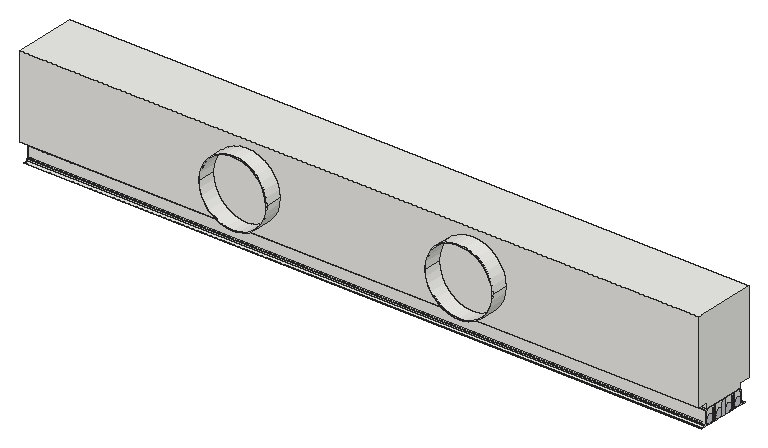
Revit family "SAL 35", category Air Terminals, Revit 2017
Family settings
  Round Connector Dimension = Use Diameter
  Part Type = Normal
  Work Plane-Based = No
  Always vertical = Yes
  Cut with Voids When Loaded = No
  Shared = No
  Room Calculation Point = No
Parameters (values of type "2000_4-reihig mit Anschlusskasten")
  Δp (Pa) 2 = if(Index Reihig = 1, "21/32/45", if(Index Reihig = 2, "18/25/36", if(Index Reihig = 3, "15/22/33", "13/20/29")))  # "13/20/29"
  Δp (Pa) 1 = if(Index Reihig = 1, "15/23/33", if(Index Reihig = 2, "12/18/27", if(Index Reihig = 3, "10/15/23", "9/14/21")))  # "9/14/21"
  y (m) = if(Index Reihig = 1, "1.6/2.2/2.7", if(Index Reihig = 2, "2.3/2.9/3.6", if(Index Reihig = 3, "2.7/3.4/4.5", "2.9/3.8/4.9")))  # "2.9/3.8/4.9"
  x krit (m) = if(Index Reihig = 1, "8.0/10.5/13.3", if(Index Reihig = 2, "10.6/13.8/>15.0", if(Index Reihig = 3, "12.3/15.0/>15.0", "13.4/>15.0/>15.0")))  # "13.4/>15.0/>15.0"
  Vo ( m³/hm) 2 = if(Index Reihig = 1, "95/118/142", if(Index Reihig = 2, "170/210/250", if(Index Reihig = 3, "240/290/360", "300/370/450")))  # "300/370/450"
  Vo ( m³/hm) 1 = if(Index Reihig = 1, "90/115/140", if(Index Reihig = 2, "165/200/250", if(Index Reihig = 3, "230/275/350", "280/360/440")))  # "280/360/440"
  Visible 4 Reihig = yes
  Visible 3 Reihig = no
  Visible 2 Stutzen = yes
  Visible 2 Reihig = no
  Visible 1 Stutzen = no
  Visible 1 Reihig = no
  Stutzen (Stk.) = if(Index = 1, "1", "2")  # "2"
  Mindest-abstand (m) = if(Index Reihig = 1, "0.5/2.7/10.5", if(Index Reihig = 2, "3.3/12.0/>15.0", if(Index Reihig = 3, "8.0/>15.0/>15.0", "11.0/>15.0/>15.0")))  # "11.0/>15.0/>15.0"
  Min Flow = 0.0 L/s
  Maß Ø D1 = Maß Ø D - 2.0 mm  # 196.0 mm
  Maß M = if(Index Reihig = 1, 61.0 mm, if(Index Reihig = 2, 92.0 mm, if(Index Reihig = 3, 126.0 mm, 158.0 mm)))  # 158.0 mm
  Maß K = if(Index Reihig = 1, 36.0 mm, if(Index Reihig = 2, 69.0 mm, if(Index Reihig = 3, 101.0 mm, 134.0 mm)))  # 134.0 mm
  Maß H = if(Index Reihig = 1, 227.0 mm, if(Index Reihig = 2, 242.0 mm, if(Index Reihig = 3, 262.0 mm, 302.0 mm)))  # 302.0 mm
  Maß F = if(Index Reihig = 1, 34.0 mm, if(Index Reihig = 2, 67.0 mm, if(Index Reihig = 3, 99.0 mm, 132.0 mm)))  # 132.0 mm
  Maß E = if(Index Reihig = 1, 25.3 mm, if(Index Reihig = 2, 57.4 mm, if(Index Reihig = 3, 89.5 mm, 121.6 mm)))  # 121.6 mm
  Maß Ø D = if(Index Reihig = 1, 123.0 mm, if(Index Reihig = 2, 138.0 mm, if(Index Reihig = 3, 158.0 mm, 198.0 mm)))  # 198.0 mm
  Maß C = if(Index Reihig = 1, 60.0 mm, if(Index Reihig = 2, 60.0 mm, if(Index Reihig = 3, 60.0 mm, 60.0 mm)))  # 60.0 mm
  Maß B = if(Index Reihig = 1, 88.0 mm, if(Index Reihig = 2, 120.0 mm, if(Index Reihig = 3, 152.0 mm, 184.0 mm)))  # 184.0 mm
  Maß A = if(Index Reihig = 1, 44.0 mm, if(Index Reihig = 2, 44.0 mm, if(Index Reihig = 3, 44.0 mm, 44.0 mm)))  # 44.0 mm
  Max Flow = 0.0 L/s
  Lw dB(A) = if(Index Reihig = 1, "30/35/40", if(Index Reihig = 2, "30/35/40", if(Index Reihig = 3, "30/35/40", "30/35/40")))  # "30/35/40"
  L = if(Index L = 1, 500.0 mm, if(Index L = 2, 600.0 mm, if(Index L = 3, 700.0 mm, if(Index L = 4, 800.0 mm, if(Index L = 5, 900.0 mm, if(Index L = 6, 1000.0 mm, if(Index L = 7, 1100.0 mm, if(Index L = 8, 1200.0 mm, if(Index L = 9, 1300.0 mm, if(Index L = 10, 1400.0 mm, if(Index L = 11, 1500.0 mm, if(Index L = 12, 1600.0 mm, if(Index L = 13, 1700.0 mm, if(Index L = 14, 1800.0 mm, if(Index L = 15, 1900.0 mm, 2000.0 mm)))))))))))))))  # 2000.0 mm
  Product material = RAL 9016
  Index Reihig = 4
  Index L = 16
  Index = 2
  Gewicht (g/m) = if(Index Reihig = 1, "4360", if(Index Reihig = 2, "5585", if(Index Reihig = 3, "6979", "8554")))  # "8554"
Types (65, lengths in mm): name | Δp (Pa) 2 | Δp (Pa) 1 | y (m) | x krit (m) | Vo ( m³/hm) 2 | Vo ( m³/hm) 1 | Visible 4 Reihig | Visible 3 Reihig | Visible 2 Stutzen | Visible 2 Reihig | Visible 1 Stutzen | Visible 1 Reihig | Stutzen (Stk.) | Mindest-abstand (m) | Maß Ø D1 | Maß M | Maß K | Maß H | Maß F | Maß E | Maß Ø D | Maß B | L | Index Reihig | Index L | Index | Gewicht (g/m)
  (no name) | "13/20/29" | "9/14/21" | "2.9/3.8/4.9" | "13.4/>15.0/>15.0" | "300/370/450" | "280/360/440" | yes | no | yes | no | no | no | "2" | "11.0/>15.0/>15.0" | 196.0 | 158.0 | 134.0 | 302.0 | 132.0 | 121.6 | 198.0 | 184.0 | 2000.0 | 4 | 16 | 2 | "8554"
  500_1-reihig mit Anschlusskasten | "21/32/45" | "15/23/33" | "1.6/2.2/2.7" | "8.0/10.5/13.3" | "95/118/142" | "90/115/140" | no | no | no | no | yes | yes | "1" | "0.5/2.7/10.5" | 121.0 | 61.0 | 36.0 | 227.0 | 34.0 | 25.3 | 123.0 | 88.0 | 500.0 | 1 | 1 | 1 | "4360"
  500_2-reihig mit Anschlusskasten | "18/25/36" | "12/18/27" | "2.3/2.9/3.6" | "10.6/13.8/>15.0" | "170/210/250" | "165/200/250" | no | no | no | yes | yes | no | "1" | "3.3/12.0/>15.0" | 136.0 | 92.0 | 69.0 | 242.0 | 67.0 | 57.4 | 138.0 | 120.0 | 500.0 | 2 | 1 | 1 | "5585"
  500_3-reihig mit Anschlusskasten | "15/22/33" | "10/15/23" | "2.7/3.4/4.5" | "12.3/15.0/>15.0" | "240/290/360" | "230/275/350" | no | yes | no | no | yes | no | "1" | "8.0/>15.0/>15.0" | 156.0 | 126.0 | 101.0 | 262.0 | 99.0 | 89.5 | 158.0 | 152.0 | 500.0 | 3 | 1 | 1 | "6979"
  500_4-reihig mit Anschlusskasten | "13/20/29" | "9/14/21" | "2.9/3.8/4.9" | "13.4/>15.0/>15.0" | "300/370/450" | "280/360/440" | yes | no | no | no | yes | no | "1" | "11.0/>15.0/>15.0" | 196.0 | 158.0 | 134.0 | 302.0 | 132.0 | 121.6 | 198.0 | 184.0 | 500.0 | 4 | 1 | 1 | "8554"
  600_1-reihig mit Anschlusskasten | "21/32/45" | "15/23/33" | "1.6/2.2/2.7" | "8.0/10.5/13.3" | "95/118/142" | "90/115/140" | no | no | no | no | yes | yes | "1" | "0.5/2.7/10.5" | 121.0 | 61.0 | 36.0 | 227.0 | 34.0 | 25.3 | 123.0 | 88.0 | 600.0 | 1 | 2 | 1 | "4360"
  700_1-reihig mit Anschlusskasten | "21/32/45" | "15/23/33" | "1.6/2.2/2.7" | "8.0/10.5/13.3" | "95/118/142" | "90/115/140" | no | no | no | no | yes | yes | "1" | "0.5/2.7/10.5" | 121.0 | 61.0 | 36.0 | 227.0 | 34.0 | 25.3 | 123.0 | 88.0 | 700.0 | 1 | 3 | 1 | "4360"
  800_1-reihig mit Anschlusskasten | "21/32/45" | "15/23/33" | "1.6/2.2/2.7" | "8.0/10.5/13.3" | "95/118/142" | "90/115/140" | no | no | no | no | yes | yes | "1" | "0.5/2.7/10.5" | 121.0 | 61.0 | 36.0 | 227.0 | 34.0 | 25.3 | 123.0 | 88.0 | 800.0 | 1 | 4 | 1 | "4360"
  900_1-reihig mit Anschlusskasten | "21/32/45" | "15/23/33" | "1.6/2.2/2.7" | "8.0/10.5/13.3" | "95/118/142" | "90/115/140" | no | no | no | no | yes | yes | "1" | "0.5/2.7/10.5" | 121.0 | 61.0 | 36.0 | 227.0 | 34.0 | 25.3 | 123.0 | 88.0 | 900.0 | 1 | 5 | 1 | "4360"
  1000_1-reihig mit Anschlusskasten | "21/32/45" | "15/23/33" | "1.6/2.2/2.7" | "8.0/10.5/13.3" | "95/118/142" | "90/115/140" | no | no | no | no | yes | yes | "1" | "0.5/2.7/10.5" | 121.0 | 61.0 | 36.0 | 227.0 | 34.0 | 25.3 | 123.0 | 88.0 | 1000.0 | 1 | 6 | 1 | "4360"
  1100_1-reihig mit Anschlusskasten | "21/32/45" | "15/23/33" | "1.6/2.2/2.7" | "8.0/10.5/13.3" | "95/118/142" | "90/115/140" | no | no | no | no | yes | yes | "1" | "0.5/2.7/10.5" | 121.0 | 61.0 | 36.0 | 227.0 | 34.0 | 25.3 | 123.0 | 88.0 | 1100.0 | 1 | 7 | 1 | "4360"
  1200_1-reihig mit Anschlusskasten | "21/32/45" | "15/23/33" | "1.6/2.2/2.7" | "8.0/10.5/13.3" | "95/118/142" | "90/115/140" | no | no | no | no | yes | yes | "1" | "0.5/2.7/10.5" | 121.0 | 61.0 | 36.0 | 227.0 | 34.0 | 25.3 | 123.0 | 88.0 | 1200.0 | 1 | 8 | 1 | "4360"
  1300_1-reihig mit Anschlusskasten | "21/32/45" | "15/23/33" | "1.6/2.2/2.7" | "8.0/10.5/13.3" | "95/118/142" | "90/115/140" | no | no | no | no | yes | yes | "1" | "0.5/2.7/10.5" | 121.0 | 61.0 | 36.0 | 227.0 | 34.0 | 25.3 | 123.0 | 88.0 | 1300.0 | 1 | 9 | 1 | "4360"
  1400_1-reihig mit Anschlusskasten | "21/32/45" | "15/23/33" | "1.6/2.2/2.7" | "8.0/10.5/13.3" | "95/118/142" | "90/115/140" | no | no | no | no | yes | yes | "1" | "0.5/2.7/10.5" | 121.0 | 61.0 | 36.0 | 227.0 | 34.0 | 25.3 | 123.0 | 88.0 | 1400.0 | 1 | 10 | 1 | "4360"
  1500_1-reihig mit Anschlusskasten | "21/32/45" | "15/23/33" | "1.6/2.2/2.7" | "8.0/10.5/13.3" | "95/118/142" | "90/115/140" | no | no | no | no | yes | yes | "1" | "0.5/2.7/10.5" | 121.0 | 61.0 | 36.0 | 227.0 | 34.0 | 25.3 | 123.0 | 88.0 | 1500.0 | 1 | 11 | 1 | "4360"
  1600_1-reihig mit Anschlusskasten | "21/32/45" | "15/23/33" | "1.6/2.2/2.7" | "8.0/10.5/13.3" | "95/118/142" | "90/115/140" | no | no | yes | no | no | yes | "2" | "0.5/2.7/10.5" | 121.0 | 61.0 | 36.0 | 227.0 | 34.0 | 25.3 | 123.0 | 88.0 | 1600.0 | 1 | 12 | 2 | "4360"
  1700_1-reihig mit Anschlusskasten | "21/32/45" | "15/23/33" | "1.6/2.2/2.7" | "8.0/10.5/13.3" | "95/118/142" | "90/115/140" | no | no | yes | no | no | yes | "2" | "0.5/2.7/10.5" | 121.0 | 61.0 | 36.0 | 227.0 | 34.0 | 25.3 | 123.0 | 88.0 | 1700.0 | 1 | 13 | 2 | "4360"
  1800_1-reihig mit Anschlusskasten | "21/32/45" | "15/23/33" | "1.6/2.2/2.7" | "8.0/10.5/13.3" | "95/118/142" | "90/115/140" | no | no | yes | no | no | yes | "2" | "0.5/2.7/10.5" | 121.0 | 61.0 | 36.0 | 227.0 | 34.0 | 25.3 | 123.0 | 88.0 | 1800.0 | 1 | 14 | 2 | "4360"
  1900_1-reihig mit Anschlusskasten | "21/32/45" | "15/23/33" | "1.6/2.2/2.7" | "8.0/10.5/13.3" | "95/118/142" | "90/115/140" | no | no | yes | no | no | yes | "2" | "0.5/2.7/10.5" | 121.0 | 61.0 | 36.0 | 227.0 | 34.0 | 25.3 | 123.0 | 88.0 | 1900.0 | 1 | 15 | 2 | "4360"
  2000_1-reihig mit Anschlusskasten | "21/32/45" | "15/23/33" | "1.6/2.2/2.7" | "8.0/10.5/13.3" | "95/118/142" | "90/115/140" | no | no | yes | no | no | yes | "2" | "0.5/2.7/10.5" | 121.0 | 61.0 | 36.0 | 227.0 | 34.0 | 25.3 | 123.0 | 88.0 | 2000.0 | 1 | 16 | 2 | "4360"
  600_2-reihig mit Anschlusskasten | "18/25/36" | "12/18/27" | "2.3/2.9/3.6" | "10.6/13.8/>15.0" | "170/210/250" | "165/200/250" | no | no | no | yes | yes | no | "1" | "3.3/12.0/>15.0" | 136.0 | 92.0 | 69.0 | 242.0 | 67.0 | 57.4 | 138.0 | 120.0 | 600.0 | 2 | 2 | 1 | "5585"
  600_3-reihig mit Anschlusskasten | "15/22/33" | "10/15/23" | "2.7/3.4/4.5" | "12.3/15.0/>15.0" | "240/290/360" | "230/275/350" | no | yes | no | no | yes | no | "1" | "8.0/>15.0/>15.0" | 156.0 | 126.0 | 101.0 | 262.0 | 99.0 | 89.5 | 158.0 | 152.0 | 600.0 | 3 | 2 | 1 | "6979"
  600_4-reihig mit Anschlusskasten | "13/20/29" | "9/14/21" | "2.9/3.8/4.9" | "13.4/>15.0/>15.0" | "300/370/450" | "280/360/440" | yes | no | no | no | yes | no | "1" | "11.0/>15.0/>15.0" | 196.0 | 158.0 | 134.0 | 302.0 | 132.0 | 121.6 | 198.0 | 184.0 | 600.0 | 4 | 2 | 1 | "8554"
  700_2-reihig mit Anschlusskasten | "18/25/36" | "12/18/27" | "2.3/2.9/3.6" | "10.6/13.8/>15.0" | "170/210/250" | "165/200/250" | no | no | no | yes | yes | no | "1" | "3.3/12.0/>15.0" | 136.0 | 92.0 | 69.0 | 242.0 | 67.0 | 57.4 | 138.0 | 120.0 | 700.0 | 2 | 3 | 1 | "5585"
  700_3-reihig mit Anschlusskasten | "15/22/33" | "10/15/23" | "2.7/3.4/4.5" | "12.3/15.0/>15.0" | "240/290/360" | "230/275/350" | no | yes | no | no | yes | no | "1" | "8.0/>15.0/>15.0" | 156.0 | 126.0 | 101.0 | 262.0 | 99.0 | 89.5 | 158.0 | 152.0 | 700.0 | 3 | 3 | 1 | "6979"
  700_4-reihig mit Anschlusskasten | "13/20/29" | "9/14/21" | "2.9/3.8/4.9" | "13.4/>15.0/>15.0" | "300/370/450" | "280/360/440" | yes | no | no | no | yes | no | "1" | "11.0/>15.0/>15.0" | 196.0 | 158.0 | 134.0 | 302.0 | 132.0 | 121.6 | 198.0 | 184.0 | 700.0 | 4 | 3 | 1 | "8554"
  800_2-reihig mit Anschlusskasten | "18/25/36" | "12/18/27" | "2.3/2.9/3.6" | "10.6/13.8/>15.0" | "170/210/250" | "165/200/250" | no | no | no | yes | yes | no | "1" | "3.3/12.0/>15.0" | 136.0 | 92.0 | 69.0 | 242.0 | 67.0 | 57.4 | 138.0 | 120.0 | 800.0 | 2 | 4 | 1 | "5585"
  800_3-reihig mit Anschlusskasten | "15/22/33" | "10/15/23" | "2.7/3.4/4.5" | "12.3/15.0/>15.0" | "240/290/360" | "230/275/350" | no | yes | no | no | yes | no | "1" | "8.0/>15.0/>15.0" | 156.0 | 126.0 | 101.0 | 262.0 | 99.0 | 89.5 | 158.0 | 152.0 | 800.0 | 3 | 4 | 1 | "6979"
  800_4-reihig mit Anschlusskasten | "13/20/29" | "9/14/21" | "2.9/3.8/4.9" | "13.4/>15.0/>15.0" | "300/370/450" | "280/360/440" | yes | no | no | no | yes | no | "1" | "11.0/>15.0/>15.0" | 196.0 | 158.0 | 134.0 | 302.0 | 132.0 | 121.6 | 198.0 | 184.0 | 800.0 | 4 | 4 | 1 | "8554"
  900_2-reihig mit Anschlusskasten | "18/25/36" | "12/18/27" | "2.3/2.9/3.6" | "10.6/13.8/>15.0" | "170/210/250" | "165/200/250" | no | no | no | yes | yes | no | "1" | "3.3/12.0/>15.0" | 136.0 | 92.0 | 69.0 | 242.0 | 67.0 | 57.4 | 138.0 | 120.0 | 900.0 | 2 | 5 | 1 | "5585"
  900_3-reihig mit Anschlusskasten | "15/22/33" | "10/15/23" | "2.7/3.4/4.5" | "12.3/15.0/>15.0" | "240/290/360" | "230/275/350" | no | yes | no | no | yes | no | "1" | "8.0/>15.0/>15.0" | 156.0 | 126.0 | 101.0 | 262.0 | 99.0 | 89.5 | 158.0 | 152.0 | 900.0 | 3 | 5 | 1 | "6979"
  900_4-reihig mit Anschlusskasten | "13/20/29" | "9/14/21" | "2.9/3.8/4.9" | "13.4/>15.0/>15.0" | "300/370/450" | "280/360/440" | yes | no | no | no | yes | no | "1" | "11.0/>15.0/>15.0" | 196.0 | 158.0 | 134.0 | 302.0 | 132.0 | 121.6 | 198.0 | 184.0 | 900.0 | 4 | 5 | 1 | "8554"
  1000_2-reihig mit Anschlusskasten | "18/25/36" | "12/18/27" | "2.3/2.9/3.6" | "10.6/13.8/>15.0" | "170/210/250" | "165/200/250" | no | no | no | yes | yes | no | "1" | "3.3/12.0/>15.0" | 136.0 | 92.0 | 69.0 | 242.0 | 67.0 | 57.4 | 138.0 | 120.0 | 1000.0 | 2 | 6 | 1 | "5585"
  1000_3-reihig mit Anschlusskasten | "15/22/33" | "10/15/23" | "2.7/3.4/4.5" | "12.3/15.0/>15.0" | "240/290/360" | "230/275/350" | no | yes | no | no | yes | no | "1" | "8.0/>15.0/>15.0" | 156.0 | 126.0 | 101.0 | 262.0 | 99.0 | 89.5 | 158.0 | 152.0 | 1000.0 | 3 | 6 | 1 | "6979"
  1000_4-reihig mit Anschlusskasten | "13/20/29" | "9/14/21" | "2.9/3.8/4.9" | "13.4/>15.0/>15.0" | "300/370/450" | "280/360/440" | yes | no | no | no | yes | no | "1" | "11.0/>15.0/>15.0" | 196.0 | 158.0 | 134.0 | 302.0 | 132.0 | 121.6 | 198.0 | 184.0 | 1000.0 | 4 | 6 | 1 | "8554"
  1100_2-reihig mit Anschlusskasten | "18/25/36" | "12/18/27" | "2.3/2.9/3.6" | "10.6/13.8/>15.0" | "170/210/250" | "165/200/250" | no | no | no | yes | yes | no | "1" | "3.3/12.0/>15.0" | 136.0 | 92.0 | 69.0 | 242.0 | 67.0 | 57.4 | 138.0 | 120.0 | 1100.0 | 2 | 7 | 1 | "5585"
  1100_3-reihig mit Anschlusskasten | "15/22/33" | "10/15/23" | "2.7/3.4/4.5" | "12.3/15.0/>15.0" | "240/290/360" | "230/275/350" | no | yes | no | no | yes | no | "1" | "8.0/>15.0/>15.0" | 156.0 | 126.0 | 101.0 | 262.0 | 99.0 | 89.5 | 158.0 | 152.0 | 1100.0 | 3 | 7 | 1 | "6979"
  1100_4-reihig mit Anschlusskasten | "13/20/29" | "9/14/21" | "2.9/3.8/4.9" | "13.4/>15.0/>15.0" | "300/370/450" | "280/360/440" | yes | no | no | no | yes | no | "1" | "11.0/>15.0/>15.0" | 196.0 | 158.0 | 134.0 | 302.0 | 132.0 | 121.6 | 198.0 | 184.0 | 1100.0 | 4 | 7 | 1 | "8554"
  1200_2-reihig mit Anschlusskasten | "18/25/36" | "12/18/27" | "2.3/2.9/3.6" | "10.6/13.8/>15.0" | "170/210/250" | "165/200/250" | no | no | no | yes | yes | no | "1" | "3.3/12.0/>15.0" | 136.0 | 92.0 | 69.0 | 242.0 | 67.0 | 57.4 | 138.0 | 120.0 | 1200.0 | 2 | 8 | 1 | "5585"
  1200_3-reihig mit Anschlusskasten | "15/22/33" | "10/15/23" | "2.7/3.4/4.5" | "12.3/15.0/>15.0" | "240/290/360" | "230/275/350" | no | yes | no | no | yes | no | "1" | "8.0/>15.0/>15.0" | 156.0 | 126.0 | 101.0 | 262.0 | 99.0 | 89.5 | 158.0 | 152.0 | 1200.0 | 3 | 8 | 1 | "6979"
  1200_4-reihig mit Anschlusskasten | "13/20/29" | "9/14/21" | "2.9/3.8/4.9" | "13.4/>15.0/>15.0" | "300/370/450" | "280/360/440" | yes | no | no | no | yes | no | "1" | "11.0/>15.0/>15.0" | 196.0 | 158.0 | 134.0 | 302.0 | 132.0 | 121.6 | 198.0 | 184.0 | 1200.0 | 4 | 8 | 1 | "8554"
  1300_2-reihig mit Anschlusskasten | "18/25/36" | "12/18/27" | "2.3/2.9/3.6" | "10.6/13.8/>15.0" | "170/210/250" | "165/200/250" | no | no | no | yes | yes | no | "1" | "3.3/12.0/>15.0" | 136.0 | 92.0 | 69.0 | 242.0 | 67.0 | 57.4 | 138.0 | 120.0 | 1300.0 | 2 | 9 | 1 | "5585"
  1300_3-reihig mit Anschlusskasten | "15/22/33" | "10/15/23" | "2.7/3.4/4.5" | "12.3/15.0/>15.0" | "240/290/360" | "230/275/350" | no | yes | no | no | yes | no | "1" | "8.0/>15.0/>15.0" | 156.0 | 126.0 | 101.0 | 262.0 | 99.0 | 89.5 | 158.0 | 152.0 | 1300.0 | 3 | 9 | 1 | "6979"
  1300_4-reihig mit Anschlusskasten | "13/20/29" | "9/14/21" | "2.9/3.8/4.9" | "13.4/>15.0/>15.0" | "300/370/450" | "280/360/440" | yes | no | no | no | yes | no | "1" | "11.0/>15.0/>15.0" | 196.0 | 158.0 | 134.0 | 302.0 | 132.0 | 121.6 | 198.0 | 184.0 | 1300.0 | 4 | 9 | 1 | "8554"
  1400_2-reihig mit Anschlusskasten | "18/25/36" | "12/18/27" | "2.3/2.9/3.6" | "10.6/13.8/>15.0" | "170/210/250" | "165/200/250" | no | no | no | yes | yes | no | "1" | "3.3/12.0/>15.0" | 136.0 | 92.0 | 69.0 | 242.0 | 67.0 | 57.4 | 138.0 | 120.0 | 1400.0 | 2 | 10 | 1 | "5585"
  1400_3-reihig mit Anschlusskasten | "15/22/33" | "10/15/23" | "2.7/3.4/4.5" | "12.3/15.0/>15.0" | "240/290/360" | "230/275/350" | no | yes | no | no | yes | no | "1" | "8.0/>15.0/>15.0" | 156.0 | 126.0 | 101.0 | 262.0 | 99.0 | 89.5 | 158.0 | 152.0 | 1400.0 | 3 | 10 | 1 | "6979"
  1400_4-reihig mit Anschlusskasten | "13/20/29" | "9/14/21" | "2.9/3.8/4.9" | "13.4/>15.0/>15.0" | "300/370/450" | "280/360/440" | yes | no | no | no | yes | no | "1" | "11.0/>15.0/>15.0" | 196.0 | 158.0 | 134.0 | 302.0 | 132.0 | 121.6 | 198.0 | 184.0 | 1400.0 | 4 | 10 | 1 | "8554"
  1500_2-reihig mit Anschlusskasten | "18/25/36" | "12/18/27" | "2.3/2.9/3.6" | "10.6/13.8/>15.0" | "170/210/250" | "165/200/250" | no | no | no | yes | yes | no | "1" | "3.3/12.0/>15.0" | 136.0 | 92.0 | 69.0 | 242.0 | 67.0 | 57.4 | 138.0 | 120.0 | 1500.0 | 2 | 11 | 1 | "5585"
  1500_3-reihig mit Anschlusskasten | "15/22/33" | "10/15/23" | "2.7/3.4/4.5" | "12.3/15.0/>15.0" | "240/290/360" | "230/275/350" | no | yes | no | no | yes | no | "1" | "8.0/>15.0/>15.0" | 156.0 | 126.0 | 101.0 | 262.0 | 99.0 | 89.5 | 158.0 | 152.0 | 1500.0 | 3 | 11 | 1 | "6979"
  1500_4-reihig mit Anschlusskasten | "13/20/29" | "9/14/21" | "2.9/3.8/4.9" | "13.4/>15.0/>15.0" | "300/370/450" | "280/360/440" | yes | no | no | no | yes | no | "1" | "11.0/>15.0/>15.0" | 196.0 | 158.0 | 134.0 | 302.0 | 132.0 | 121.6 | 198.0 | 184.0 | 1500.0 | 4 | 11 | 1 | "8554"
  1600_2-reihig mit Anschlusskasten | "18/25/36" | "12/18/27" | "2.3/2.9/3.6" | "10.6/13.8/>15.0" | "170/210/250" | "165/200/250" | no | no | yes | yes | no | no | "2" | "3.3/12.0/>15.0" | 136.0 | 92.0 | 69.0 | 242.0 | 67.0 | 57.4 | 138.0 | 120.0 | 1600.0 | 2 | 12 | 2 | "5585"
  1600_3-reihig mit Anschlusskasten | "15/22/33" | "10/15/23" | "2.7/3.4/4.5" | "12.3/15.0/>15.0" | "240/290/360" | "230/275/350" | no | yes | yes | no | no | no | "2" | "8.0/>15.0/>15.0" | 156.0 | 126.0 | 101.0 | 262.0 | 99.0 | 89.5 | 158.0 | 152.0 | 1600.0 | 3 | 12 | 2 | "6979"
  1600_4-reihig mit Anschlusskasten | "13/20/29" | "9/14/21" | "2.9/3.8/4.9" | "13.4/>15.0/>15.0" | "300/370/450" | "280/360/440" | yes | no | yes | no | no | no | "2" | "11.0/>15.0/>15.0" | 196.0 | 158.0 | 134.0 | 302.0 | 132.0 | 121.6 | 198.0 | 184.0 | 1600.0 | 4 | 12 | 2 | "8554"
  1700_2-reihig mit Anschlusskasten | "18/25/36" | "12/18/27" | "2.3/2.9/3.6" | "10.6/13.8/>15.0" | "170/210/250" | "165/200/250" | no | no | yes | yes | no | no | "2" | "3.3/12.0/>15.0" | 136.0 | 92.0 | 69.0 | 242.0 | 67.0 | 57.4 | 138.0 | 120.0 | 1700.0 | 2 | 13 | 2 | "5585"
  1700_3-reihig mit Anschlusskasten | "15/22/33" | "10/15/23" | "2.7/3.4/4.5" | "12.3/15.0/>15.0" | "240/290/360" | "230/275/350" | no | yes | yes | no | no | no | "2" | "8.0/>15.0/>15.0" | 156.0 | 126.0 | 101.0 | 262.0 | 99.0 | 89.5 | 158.0 | 152.0 | 1700.0 | 3 | 13 | 2 | "6979"
  1700_4-reihig mit Anschlusskasten | "13/20/29" | "9/14/21" | "2.9/3.8/4.9" | "13.4/>15.0/>15.0" | "300/370/450" | "280/360/440" | yes | no | yes | no | no | no | "2" | "11.0/>15.0/>15.0" | 196.0 | 158.0 | 134.0 | 302.0 | 132.0 | 121.6 | 198.0 | 184.0 | 1700.0 | 4 | 13 | 2 | "8554"
  1800_2-reihig mit Anschlusskasten | "18/25/36" | "12/18/27" | "2.3/2.9/3.6" | "10.6/13.8/>15.0" | "170/210/250" | "165/200/250" | no | no | yes | yes | no | no | "2" | "3.3/12.0/>15.0" | 136.0 | 92.0 | 69.0 | 242.0 | 67.0 | 57.4 | 138.0 | 120.0 | 1800.0 | 2 | 14 | 2 | "5585"
  1800_3-reihig mit Anschlusskasten | "15/22/33" | "10/15/23" | "2.7/3.4/4.5" | "12.3/15.0/>15.0" | "240/290/360" | "230/275/350" | no | yes | yes | no | no | no | "2" | "8.0/>15.0/>15.0" | 156.0 | 126.0 | 101.0 | 262.0 | 99.0 | 89.5 | 158.0 | 152.0 | 1800.0 | 3 | 14 | 2 | "6979"
  1800_4-reihig mit Anschlusskasten | "13/20/29" | "9/14/21" | "2.9/3.8/4.9" | "13.4/>15.0/>15.0" | "300/370/450" | "280/360/440" | yes | no | yes | no | no | no | "2" | "11.0/>15.0/>15.0" | 196.0 | 158.0 | 134.0 | 302.0 | 132.0 | 121.6 | 198.0 | 184.0 | 1800.0 | 4 | 14 | 2 | "8554"
  1900_2-reihig mit Anschlusskasten | "18/25/36" | "12/18/27" | "2.3/2.9/3.6" | "10.6/13.8/>15.0" | "170/210/250" | "165/200/250" | no | no | yes | no | no | yes | "2" | "3.3/12.0/>15.0" | 136.0 | 92.0 | 69.0 | 242.0 | 67.0 | 57.4 | 138.0 | 120.0 | 1900.0 | 2 | 15 | 2 | "5585"
  1900_3-reihig mit Anschlusskasten | "15/22/33" | "10/15/23" | "2.7/3.4/4.5" | "12.3/15.0/>15.0" | "240/290/360" | "230/275/350" | no | yes | yes | no | no | no | "2" | "8.0/>15.0/>15.0" | 156.0 | 126.0 | 101.0 | 262.0 | 99.0 | 89.5 | 158.0 | 152.0 | 1900.0 | 3 | 15 | 2 | "6979"
  1900_4-reihig mit Anschlusskasten | "13/20/29" | "9/14/21" | "2.9/3.8/4.9" | "13.4/>15.0/>15.0" | "300/370/450" | "280/360/440" | yes | no | yes | no | no | no | "2" | "11.0/>15.0/>15.0" | 196.0 | 158.0 | 134.0 | 302.0 | 132.0 | 121.6 | 198.0 | 184.0 | 1900.0 | 4 | 15 | 2 | "8554"
  2000_2-reihig mit Anschlusskasten | "18/25/36" | "12/18/27" | "2.3/2.9/3.6" | "10.6/13.8/>15.0" | "170/210/250" | "165/200/250" | no | no | yes | yes | no | no | "2" | "3.3/12.0/>15.0" | 136.0 | 92.0 | 69.0 | 242.0 | 67.0 | 57.4 | 138.0 | 120.0 | 2000.0 | 2 | 16 | 2 | "5585"
  2000_3-reihig mit Anschlusskasten | "15/22/33" | "10/15/23" | "2.7/3.4/4.5" | "12.3/15.0/>15.0" | "240/290/360" | "230/275/350" | no | yes | yes | no | no | no | "2" | "8.0/>15.0/>15.0" | 156.0 | 126.0 | 101.0 | 262.0 | 99.0 | 89.5 | 158.0 | 152.0 | 2000.0 | 3 | 16 | 2 | "6979"
  2000_4-reihig mit Anschlusskasten | "13/20/29" | "9/14/21" | "2.9/3.8/4.9" | "13.4/>15.0/>15.0" | "300/370/450" | "280/360/440" | yes | no | yes | no | no | no | "2" | "11.0/>15.0/>15.0" | 196.0 | 158.0 | 134.0 | 302.0 | 132.0 | 121.6 | 198.0 | 184.0 | 2000.0 | 4 | 16 | 2 | "8554"
Reference planes
  plane 1 "Center (Front/Back)": y = 0
  plane 2: z = 0
  plane 3 "Center (Left/Right)": x = 0
  plane 4: x = -1000
  plane 5: x = 1000
  plane 6: z = -242
  plane 7: z = -302
  plane 8: z = -121
  plane 9: y = -92
  plane 10: y = 92
  plane 11: y = -142
  plane 12: x = 333.333
  plane 13: x = -333.333
Forms (mm)
  Sweep 1, solid, material "RAL 9016" <- "Product material"
    path origin (0, 0, 0) x (1, 0, 0) y (0, 1, 0)
      loop
        line (-1000, 0) -> (1000, 0)
    profile "Profiles : Profiles" origin (0, 0, 0) x (0, 1, 0) y (0, 0, 1)
      loop
        line (92, 0) -> (-92, 0) -> (-92, -242) -> (-60.8, -242) -> (-60.8, -258) -> (60.8, -258) -> (60.8, -242) -> (92, -242) -> (92, 0)
  Sweep 2, solid, material "RAL 9016" <- "Product material"
    path origin (0, 0, 0) x (1, 0, 0) y (0, 1, 0)
      loop
        line (-1000, 0) -> (1000, 0)
    profile "Profiles 1 : Profiles 1" origin (0, 0, 0) x (0, 1, 0) y (0, 0, 1)
      loop
        line (-60.8, -258) -> (-60.8, -262) -> (-66, -262) -> (-66, -298) -> (-67, -298) -> (-67, -301) -> (-79, -301) -> (-79, -302) -> (-58.55, -302) -> (-58.55, -301) -> (-65, -301) -> (-65, -263) -> (-59.8, -263) -> (-59.8, -259) -> (59.8, -259) -> (59.8, -263) -> (65, -263) -> (65, -301) -> (58.55, -301) -> (58.55, -302) -> (79, -302) -> (79, -301) -> (67, -301) -> (67, -298) -> (66, -298) -> (66, -262) -> (60.8, -262) -> (60.8, -258) -> (-60.8, -258)
  Extrusion 3, solid, material "RAL 9016" <- "Product material"
    sketch origin (1000, 0, 0) x (0, 0, 1) y (0, -1, 0)
      loop
        line (-263, 65) -> (-301, 65) -> (-301, -65) -> (-263, -65) -> (-263, -59.8) -> (-259, -59.8) -> (-259, 59.8) -> (-263, 59.8) -> (-263, 65)
    from 0 to -1
  Extrusion 4, solid, material "RAL 9016" <- "Product material"
    sketch origin (-1000, 0, 0) x (0, -1, 0) y (0, 0, 1)
      loop
        line (-65, -263) -> (-65, -301) -> (65, -301) -> (65, -263) -> (59.8, -263) -> (59.8, -259) -> (-59.8, -259) -> (-59.8, -263) -> (-65, -263)
    from 0 to -1
  Sweep 5, solid, visible <- "Visible 3 Reihig"
    path origin (0, 0, 0) x (1, 0, 0) y (0, 1, 0)
      loop
        line (-1000, 0) -> (1000, 0)
    profile origin (0, 0, 0) x (0, 1, 0) y (0, 0, 1)
      loop
        circle (0, -248.5) r 12.5
      loop
        circle (35, -248.5) r 12.5
      loop
        circle (-35, -248.5) r 12.5
      loop
        line (21.5, -219) -> (20.5, -219) -> (20.5, -261) -> (14.5, -261) -> (14.5, -219) -> (13.5, -219) -> (13.5, -261) -> (7.05, -261) -> (7.05, -262) -> (27.95, -262) -> (27.95, -261) -> (21.5, -261) -> (21.5, -219)
      loop
        line (-21.5, -219) -> (-21.5, -261) -> (-27.95, -261) -> (-27.95, -262) -> (-7.05, -262) -> (-7.05, -261) -> (-13.5, -261) -> (-13.5, -219) -> (-14.5, -219) -> (-14.5, -261) -> (-20.5, -261) -> (-20.5, -219) -> (-21.5, -219)
  Sweep 6, solid, visible <- "Visible 1 Reihig"
    path origin (0, 0, 0) x (1, 0, 0) y (0, 1, 0)
      loop
        line (-1000, 0) -> (1000, 0)
    profile origin (0, 0, 0) x (0, 1, 0) y (0, 0, 1)
      loop
        circle (0, -213.5) r 12.5
  Sweep 7, solid, visible <- "Visible 2 Reihig"
    path origin (0, 0, 0) x (1, 0, 0) y (0, 1, 0)
      loop
        line (1000, 0) -> (-1000, 0)
    profile origin (0, 0, 0) x (0, -1, 0) y (0, 0, 1)
      loop
        circle (18.25, -228.5) r 12.5
      loop
        line (-3, -199) -> (-4, -199) -> (-4, -241) -> (-10.45, -241) -> (-10.45, -242) -> (10.45, -242) -> (10.45, -241) -> (4, -241) -> (4, -199) -> (3, -199) -> (3, -241) -> (-3, -241) -> (-3, -199)
      loop
        circle (-18.25, -228.5) r 12.5
  Sweep 8, solid, visible <- "Visible 4 Reihig"
    path origin (0, 0, 0) x (1, 0, 0) y (0, 1, 0)
      loop
        line (-1000, 0) -> (1000, 0)
    profile origin (0, 0, 0) x (0, 1, 0) y (0, 0, 1)
      loop
        line (38.5, -259) -> (37.5, -259) -> (37.5, -301) -> (31.5, -301) -> (31.5, -259) -> (30.5, -259) -> (30.5, -301) -> (24.05, -301) -> (24.05, -302) -> (44.95, -302) -> (44.95, -301) -> (38.5, -301) -> (38.5, -259)
      loop
        line (4, -259) -> (3, -259) -> (3, -301) -> (-3, -301) -> (-3, -259) -> (-4, -259) -> (-4, -301) -> (-10.45, -301) -> (-10.45, -302) -> (10.45, -302) -> (10.45, -301) -> (4, -301) -> (4, -259)
      loop
        line (-38.5, -259) -> (-38.5, -301) -> (-44.95, -301) -> (-44.95, -302) -> (-24.05, -302) -> (-24.05, -301) -> (-30.5, -301) -> (-30.5, -259) -> (-31.5, -259) -> (-31.5, -301) -> (-37.5, -301) -> (-37.5, -259) -> (-38.5, -259)
      loop
        circle (51.75, -288.5) r 12.5
      loop
        circle (17.25, -288.5) r 12.5
      loop
        circle (-51.75, -288.5) r 12.5
      loop
        circle (-17.25, -288.5) r 12.5
Dimensions and locks
  equal spacing: plane 4, plane 3 "Center (Left/Right)", plane 5
  "L": plane 4 to plane 5
  "Maß H": level to plane 7
  "Maß C": plane 6 to plane 7
  equal spacing: level, plane 8, plane 6
  equal spacing: plane 10, plane 1 "Center (Front/Back)", plane 9
  "Maß B": plane 9 to plane 10
  locked: plane 9 to plane 11 at 50
  equal spacing: plane 5, plane 12, plane 13, plane 4
  aligned and locked: plane 1 "Center (Front/Back)" to Sweep 1 sketch curve
  aligned and locked: plane 1 "Center (Front/Back)" to Sweep 2 sketch curve
  aligned and locked: Sweep 2 sketch curve to Sweep 1
  aligned and locked: Sweep 1 to Sweep 2 sketch curve
  aligned and locked: Extrusion 3 sketch curve to Sweep 2  (x8)
  aligned and locked: Extrusion 4 sketch curve to Sweep 2  (x7)
  aligned and locked: Extrusion 4 sketch curve to Extrusion 4 sketch curve
  aligned and locked: plane 1 "Center (Front/Back)" to Sweep 5 sketch curve
  aligned and locked: Sweep 1 to Sweep 5 sketch curve
  aligned and locked: Sweep 5 sketch curve to Sweep 1
  aligned and locked: plane 1 "Center (Front/Back)" to Sweep 6 sketch curve
  aligned and locked: Sweep 6 sketch curve to Sweep 1
  aligned and locked: Sweep 7 sketch curve to plane 1 "Center (Front/Back)"
  aligned and locked: Sweep 7 sketch curve to Sweep 1
  aligned and locked: Sweep 1 to Sweep 7 sketch curve
  aligned and locked: plane 1 "Center (Front/Back)" to Sweep 8 sketch curve
  aligned and locked: Sweep 8 sketch curve to Sweep 1
  aligned and locked: Sweep 1 to Sweep 8 sketch curve
Automatic sketch dimensions
  Sweep 1 sketch curve to plane 4 = 0.0 mm
  Sweep 1 sketch curve to plane 5 = 0.0 mm
  profile plane to Sweep 6 sketch curve = 0.0 mm
  Sweep 6 sketch curve to level = 213.5 mm
  Sweep 6 sketch curve to plane 4 = 0.0 mm
  Sweep 7 sketch curve to Sweep 7 sketch curve = 0.0 mm  (x6)
  profile plane to Sweep 7 sketch curve = 18.25 mm
  profile plane to Sweep 7 sketch curve = 10.45 mm
  profile plane to Sweep 7 sketch curve = 4.0 mm
  Sweep 7 sketch curve to Sweep 7 sketch curve = 1.0 mm  (x4)
  Sweep 7 sketch curve to profile plane = 3.0 mm
  Sweep 7 sketch curve to Sweep 7 sketch curve = 6.45 mm
  Sweep 7 sketch curve to Sweep 7 sketch curve = 7.8 mm
  Sweep 7 sketch curve to level = 242.0 mm
  Sweep 7 sketch curve to Sweep 7 sketch curve = 12.5 mm  (x3)
  Sweep 7 sketch curve to Sweep 7 sketch curve = 29.5 mm
  Sweep 7 sketch curve to profile plane = 5.75 mm
  Sweep 5 sketch curve to profile plane = 0.0 mm
  profile plane to Sweep 5 sketch curve = 7.05 mm
  Sweep 5 sketch curve to Sweep 5 sketch curve = 6.45 mm  (x4)
  Sweep 5 sketch curve to Sweep 5 sketch curve = 1.0 mm  (x7)
  Sweep 5 sketch curve to Sweep 5 sketch curve = 6.0 mm  (x2)
  Sweep 5 sketch curve to Sweep 5 sketch curve = 7.05 mm  (x2)
  Sweep 5 sketch curve to profile plane = 7.05 mm
  Sweep 5 sketch curve to level = 262.0 mm
  Sweep 5 sketch curve to Sweep 5 sketch curve = 0.0 mm  (x7)
  Sweep 5 sketch curve to Sweep 5 sketch curve = 12.5 mm  (x3)
  Sweep 5 sketch curve to Sweep 5 sketch curve = 29.5 mm
  profile plane to Sweep 8 sketch curve = 51.75 mm
  Sweep 8 sketch curve to Sweep 8 sketch curve = 6.8 mm  (x4)
  Sweep 8 sketch curve to Sweep 8 sketch curve = 6.45 mm  (x5)
  Sweep 8 sketch curve to Sweep 8 sketch curve = 1.0 mm  (x11)
  Sweep 8 sketch curve to Sweep 8 sketch curve = 6.0 mm  (x2)
  profile plane to Sweep 8 sketch curve = 10.45 mm
  profile plane to Sweep 8 sketch curve = 4.0 mm
  Sweep 8 sketch curve to profile plane = 3.0 mm
  Sweep 8 sketch curve to Sweep 8 sketch curve = 13.6 mm
  Sweep 8 sketch curve to level = 302.0 mm
  Sweep 8 sketch curve to Sweep 8 sketch curve = 0.0 mm  (x11)
  Sweep 8 sketch curve to Sweep 8 sketch curve = 12.5 mm  (x4)
  Sweep 8 sketch curve to Sweep 8 sketch curve = 29.5 mm
  radius of Sweep 6 sketch curve = 12.5 mm
  radius of Sweep 5 sketch curve = 12.5 mm  (x3)
  radius of Sweep 8 sketch curve = 12.5 mm  (x4)
Nested families
  nested 1: "1 Stutzen" at (0, 0, 0), visible <- "Visible 1 Stutzen", type "2 Stutzen"
    with Maß Ø D1 196.0 mm, Maß H 302.0 mm, Maß Ø D 198.0 mm, L 2000.0 mm
  nested 2: "2 Stutzen L" at (0, 0, 0), visible <- "Visible 2 Stutzen", type "2 Stutzen L"
    with Maß Ø D1 196.0 mm, Maß H 302.0 mm, Maß Ø D 198.0 mm, L 2000.0 mm
  nested 3: "2 Stutzen R" at (0, 0, 0), visible <- "Visible 2 Stutzen", type "2 Stutzen R"
    with Maß Ø D1 196.0 mm, Maß H 302.0 mm, Maß Ø D 198.0 mm, L 2000.0 mm
Connectors
  hvac at (0, -142, -121), driven by "Maß Ø D"
    settings: on nested 1, index 3, duct flow 0.0 L/s, flow factor 0, pres drop 0.0 Pa, loss coef 0, conn angle 0.00°, conn width 304.8 mm, conn height 304.8 mm, conn diameter 198 mm, duct sys type 1, conn prof type 0, flow config 0, flow direction 1, loss method 0, conn ref index -1, conn util no, is conn primary yes, conn desc ""
  hvac at (-333.333, -142, -121), driven by "Maß Ø D"
    settings: on nested 2, index 4, duct flow 0.0 L/s, flow factor 0, pres drop 0.0 Pa, loss coef 0, conn angle 0.00°, conn width 304.8 mm, conn height 304.8 mm, conn diameter 198 mm, duct sys type 1, conn prof type 0, flow config 0, flow direction 1, loss method 0, conn ref index -1, conn util no, is conn primary no, conn desc ""
  hvac at (333.333, -142, -121), driven by "Maß Ø D"
    settings: on nested 3, index 5, duct flow 0.0 L/s, flow factor 0, pres drop 0.0 Pa, loss coef 0, conn angle 0.00°, conn width 304.8 mm, conn height 304.8 mm, conn diameter 198 mm, duct sys type 1, conn prof type 0, flow config 0, flow direction 1, loss method 0, conn ref index -1, conn util no, is conn primary no, conn desc ""
Definition of nested family "1 Stutzen"
  Parameters (values of type "2 Stutzen")
    Min Flow = 0.0 L/s
    Maß Ø D1 = Maß Ø D - 2.0 mm  # 121.0 mm
    Maß H = 227.0 mm
    Maß Ø D = 123.0 mm
    Maß C = 60.0 mm
    Maß B = 184.0 mm
    Max Flow = 0.0 L/s
    L = 1600.0 mm
    Product material = none
  Reference planes
    plane 1 "Center (Front/Back)": y = 0
    plane 2: z = 0
    plane 3 "Center (Left/Right)": x = 0
    plane 4: x = -800
    plane 5: x = 800
    plane 6: z = -167
    plane 7: z = -227
    plane 8: z = -83.5
    plane 9: y = -92
    plane 10: y = 92
    plane 11: y = -142
  Forms (mm)
    Extrusion 1, solid
      sketch origin (0, 0, 0) x (1, 0, 0) y (0, 0, 1)
        loop
          circle (0, -83.5) r 61.5
        loop
          circle (0, -83.5) r 60.5
      from 92 to 142
  Dimensions and locks
    equal spacing: plane 4, plane 3 "Center (Left/Right)", plane 5
    "L": plane 4 to plane 5
    "Maß H": level to plane 7
    "Maß C": plane 6 to plane 7
    equal spacing: level, plane 8, plane 6
    equal spacing: plane 10, plane 1 "Center (Front/Back)", plane 9
    "Maß B": plane 9 to plane 10
    locked: plane 9 to plane 11 at 50
    "Maß Ø D": diameter of Extrusion 1 sketch curve
    "Maß Ø D1": diameter of Extrusion 1 sketch curve
    aligned and locked: Extrusion 1 to plane 11
    aligned and locked: plane 9 to Extrusion 1
  Automatic sketch dimensions
    Extrusion 1 sketch curve to Extrusion 1 sketch curve = 0.0 mm  (x2)
    Extrusion 1 sketch curve to plane 3 "Center (Left/Right)" = 0.0 mm
    Extrusion 1 sketch curve to plane 8 = 0.0 mm
Definition of nested family "2 Stutzen L"
  Parameters (values of type "2 Stutzen L")
    Min Flow = 0.0 L/s
    Maß Ø D1 = Maß Ø D - 2.0 mm  # 121.0 mm
    Maß H = 227.0 mm
    Maß Ø D = 123.0 mm
    Maß C = 60.0 mm
    Maß B = 184.0 mm
    Max Flow = 0.0 L/s
    L = 1600.0 mm
    Product material = none
  Reference planes
    plane 1 "Center (Front/Back)": y = 0
    plane 2: z = 0
    plane 3 "Center (Left/Right)": x = 0
    plane 4: x = -800
    plane 5: x = 800
    plane 6: z = -167
    plane 7: z = -227
    plane 8: z = -83.5
    plane 9: y = -92
    plane 10: y = 92
    plane 11: y = -142
    plane 12: x = 266.667
    plane 13: x = -266.667
  Forms (mm)
    Extrusion 1, solid
      sketch origin (0, 0, 0) x (1, 0, 0) y (0, 0, 1)
        loop
          circle (-266.667, -83.5) r 61.5
        loop
          circle (-266.667, -83.5) r 60.5
      from 92 to 142
  Dimensions and locks
    equal spacing: plane 4, plane 3 "Center (Left/Right)", plane 5
    "L": plane 4 to plane 5
    "Maß H": level to plane 7
    "Maß C": plane 6 to plane 7
    equal spacing: level, plane 8, plane 6
    equal spacing: plane 10, plane 1 "Center (Front/Back)", plane 9
    "Maß B": plane 9 to plane 10
    locked: plane 9 to plane 11 at 50
    equal spacing: plane 5, plane 12, plane 13, plane 4
    "Maß Ø D": diameter of Extrusion 1 sketch curve
    "Maß Ø D1": diameter of Extrusion 1 sketch curve
    aligned and locked: Extrusion 1 to plane 11
    aligned and locked: plane 9 to Extrusion 1
  Automatic sketch dimensions
    Extrusion 1 sketch curve to Extrusion 1 sketch curve = 0.0 mm  (x2)
    Extrusion 1 sketch curve to plane 8 = 0.0 mm
    plane 13 to Extrusion 1 sketch curve = 0.0 mm
Definition of nested family "2 Stutzen R"
  Parameters (values of type "2 Stutzen R")
    Min Flow = 0.0 L/s
    Maß Ø D1 = Maß Ø D - 2.0 mm  # 121.0 mm
    Maß H = 227.0 mm
    Maß Ø D = 123.0 mm
    Maß C = 60.0 mm
    Maß B = 184.0 mm
    Max Flow = 0.0 L/s
    L = 1600.0 mm
    Product material = none
  Reference planes
    plane 1 "Center (Front/Back)": y = 0
    plane 2: z = 0
    plane 3 "Center (Left/Right)": x = 0
    plane 4: x = -800
    plane 5: x = 800
    plane 6: z = -167
    plane 7: z = -227
    plane 8: z = -83.5
    plane 9: y = -92
    plane 10: y = 92
    plane 11: y = -142
    plane 12: x = 266.667
    plane 13: x = -266.667
  Forms (mm)
    Extrusion 1, solid
      sketch origin (0, 0, 0) x (1, 0, 0) y (0, 0, 1)
        loop
          circle (266.667, -83.5) r 61.5
        loop
          circle (266.667, -83.5) r 60.5
      from 92 to 142
  Dimensions and locks
    equal spacing: plane 4, plane 3 "Center (Left/Right)", plane 5
    "L": plane 4 to plane 5
    "Maß H": level to plane 7
    "Maß C": plane 6 to plane 7
    equal spacing: level, plane 8, plane 6
    equal spacing: plane 10, plane 1 "Center (Front/Back)", plane 9
    "Maß B": plane 9 to plane 10
    locked: plane 9 to plane 11 at 50
    equal spacing: plane 5, plane 12, plane 13, plane 4
    "Maß Ø D": diameter of Extrusion 1 sketch curve
    "Maß Ø D1": diameter of Extrusion 1 sketch curve
    aligned and locked: Extrusion 1 to plane 11
    aligned and locked: plane 9 to Extrusion 1
  Automatic sketch dimensions
    Extrusion 1 sketch curve to Extrusion 1 sketch curve = 0.0 mm  (x2)
    Extrusion 1 sketch curve to plane 8 = 0.0 mm
    Extrusion 1 sketch curve to plane 12 = 0.0 mm
